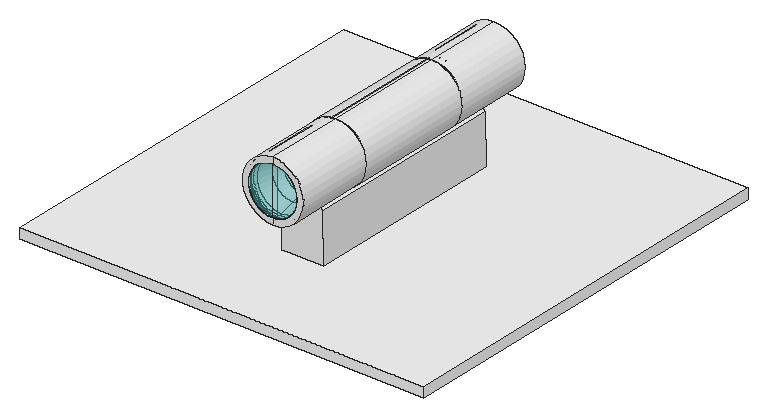
Revit family "BE_66512_de_DE", category Leuchten, Revit 2015
Parameters (values of type "BEGA_66512_Weiß_K4")
  built-in parameter 1150104 = 7.8392 (stored number, unit not read)
  Wattage = 6.4 W
  Default Elevation = 0 mm
  built-in parameter 1150113 = 1 (stored number, unit not read)
  built-in parameter 1114218 = 1 (stored number, unit not read)
  Umgebungstemperatur = "25 °C"
  URL = "http://www.bega.de/produkt/66512"
  Typenkommentare = "© 2016 BEGA. Wir behalten uns das Recht vor, technische Änderungen ohne vorherige Ankündigung vorzunehmen."  # constant formula
  Type Image = 66512.png
  built-in parameter 1150134 = 12
  built-in parameter 1150109 = 1 (stored number, unit not read)
  Strom = ""
  built-in parameter 1150110 = 1 (stored number, unit not read)
  Spannung = 239.996 V
  Sonderanfertigung = no
  Seriennummer [instance] = "Hier können Sie die eindeutige Seriennummer für das Facility Management eintragen."
  Schutzklasse = "I"
  Schutzart = "IP 65"
  Scheinlast = 0 VA
  Produktdatenblatt = "http://www.bega.de/download/Xrfa/db/66512.db.de.pdf"
  Oberflächentemperatur = ""
  Neigungswinkel = 0.00°
  Modell = "66512WK4"
  Material_17 = BEGA_Reflektor
  Material_15 = BEGA_Leuchtmedium_matt
  Material_11 = BEGA_Glas_opal
  Material_09 = BEGA_Glas_klar
  Material_06 = BEGA_Oberfläche_Edelstahl_gebürstet
  Material_03 = BEGA_Oberfläche_Weiss_matt
  Material_02 = BEGA_Oberfläche_Silber_matt
  Material_01 [instance] = BEGA_Oberfläche_Grafit_matt
  M_W = yes
  M_G = no
  M_A = no
  Logo = 0
  built-in parameter 1114217 = 1 (stored number, unit not read)
  built-in parameter 1150139 = (empty or 0)
  built-in parameter 1150105 = 42.974 (stored number, unit not read)
  built-in parameter 1150114 = 1 (stored number, unit not read)
  Lumens = 540.032 lm
  built-in parameter 1150115 = 1 (stored number, unit not read)
  Leuchtenlichtstrom = "335 lm"
  Leuchtenanzahl = ""
  Lebensdauerkriterien = "L70 = 50.000 h"
  Lastklassifizierung = Beleuchtung
  built-in parameter 1150112 = 1 (stored number, unit not read)
  Lampenlichtstrom = "540 lm"
  Lampe = "LED 6.4 W"
  LED_Modulbezeichnung = "2x LED-0123/840"
  built-in parameter 1150142 = (empty or 0)
  Hersteller = "BEGA"  # constant formula
  Halbstreuwinkel = ""
  Gewicht = "1.2 kg"
  Gebrauchslageneinschränkung [instance] = ""
  Frequenz = "0/50-60 Hz"
  Farbwiedergabeindex = "Ra > 80"
  Farbtemperaturverschiebung bei Dämpfen der Lampe = <Keine Auswahl>
  Farbtemperatur = "4000 K"
  Color Filter = 16777215
  built-in parameter 1150133 = 10 (stored number, unit not read)
  Energieeffizienzklasse = "LED A++ - A"
  built-in parameter 1150137 = (empty or 0)
  built-in parameter 1150132 = (empty or 0)
  ENEC = ""
  Datei für fotometrisches Netz = "BE_66512K4.IES"
  CE_Konformität = "ja"
  Bestellnummer = "66512WK4"
  Beschreibung_Sonderanfertigung = "Hier können Sie Informationen zur Sonderanfertigung eintragen."
  Beschreibung = "Wandleuchte"
  built-in parameter 1150106 = 0.42974 (stored number, unit not read)
  Befestigungsbohrung = "Ø 5,3 mm"
  Befestigungsabstand = "160 x 14 mm"
  Ballwurfsicher = ""
  BEGA_Intern_aus = yes
  BEGA_Intern_an = yes
  BEGA_Intern_Konstruktion = yes
  BEGA_Intern = yes
  BEGA_IES = yes
  BEGA_Dummy = no
  Anschlussleitung = ""
  Anschlussleistung [instance] = "8.5 W"
  built-in parameter 1150107 = 4000 (stored number, unit not read)
  built-in parameter 1150102 = (empty or 0)
  built-in parameter 1150138 = (empty or 0)
  Aktualisierung = "2016-06-21T04:10:22"
  Abstand_zur_angestrahlten_Fläche [instance] = ""
  AC/DC = "AC/DC"
Types (6, lengths in mm): name | built-in parameter 1150104 | built-in parameter 1150134 | Modell | M_W | M_G | M_A | built-in parameter 1150105 | Lumens | Leuchtenlichtstrom | Lampenlichtstrom | LED_Modulbezeichnung | Farbtemperatur | Datei für fotometrisches Netz | Bestellnummer | built-in parameter 1150106 | Anschlussleistung | built-in parameter 1150107
  BEGA_66512_Silber_K4 | 7.8392 (stored number, unit not read) | 12 | "66512AK4" | no | no | yes | 42.974 (stored number, unit not read) | 540.032 lm | "335 lm" | "540 lm" | "2x LED-0123/840" | "4000 K" | "BE_66512K4.IES" | "66512AK4" | 0.42974 (stored number, unit not read) | "8.5 W" | 4000 (stored number, unit not read)
  BEGA_66512_Weiß_K4 | 7.8392 (stored number, unit not read) | 12 | "66512WK4" | yes | no | no | 42.974 (stored number, unit not read) | 540.032 lm | "335 lm" | "540 lm" | "2x LED-0123/840" | "4000 K" | "BE_66512K4.IES" | "66512WK4" | 0.42974 (stored number, unit not read) | "8.5 W" | 4000 (stored number, unit not read)
  BEGA_66512_Weiß_K3 | 8.129 (stored number, unit not read) | (empty or 0) | "66512W" | yes | no | no | 44.563 (stored number, unit not read) | 560 lm | "297 lm" | "560 lm" | "2x LED-0684/830" | "3000 K" | "BE_66512.IES" | "66512W" | 0.44563 (stored number, unit not read) | "5.4 W" | 3000 (stored number, unit not read)
  BEGA_66512_Grafit_K4 | 7.8392 (stored number, unit not read) | 12 | "66512K4" | no | yes | no | 42.974 (stored number, unit not read) | 540.032 lm | "335 lm" | "540 lm" | "2x LED-0123/840" | "4000 K" | "BE_66512K4.IES" | "66512K4" | 0.42974 (stored number, unit not read) | "8.5 W" | 4000 (stored number, unit not read)
  BEGA_66512_Silber_K3 | 8.129 (stored number, unit not read) | (empty or 0) | "66512A" | no | no | yes | 44.563 (stored number, unit not read) | 560 lm | "297 lm" | "560 lm" | "2x LED-0684/830" | "3000 K" | "BE_66512.IES" | "66512A" | 0.44563 (stored number, unit not read) | "5.4 W" | 3000 (stored number, unit not read)
  BEGA_66512_Grafit_K3 | 8.129 (stored number, unit not read) | (empty or 0) | "66512" | no | yes | no | 44.563 (stored number, unit not read) | 560 lm | "297 lm" | "560 lm" | "2x LED-0684/830" | "3000 K" | "BE_66512.IES" | "66512" | 0.44563 (stored number, unit not read) | "5.4 W" | 3000 (stored number, unit not read)
Reference planes
  plane 1 "Mitte (Vorne/Hinten)": y = 0
  plane 2: z = 0
  plane 3 "Mitte (Links/Rechts)": x = 0
  plane 4 "Links": x = -30
  plane 5 "Rechts": x = 30
  plane 6 "Unten": y = -136.8
  plane 7 "Oben": y = 136.6
  plane 8 "Vorne": z = 105.1
Forms (mm)
  Extrusion 1, solid, material "BEGA_Platte_Weiss"
    sketch origin (0, -1119.2, 0) x (1, 0, 0) y (0, 1, 0)
      loop
        line (-200, 1319.2) -> (-200, 919.2) -> (200, 919.2) -> (200, 1319.2) -> (-200, 1319.2)
    from 0 to -10
  Extrusion 2, solid, material "BEGA_Dummy_matt", visible <- "BEGA_Dummy"
    sketch origin (80.095, -76.023, 0) x (1, 0, 0) y (0, 1, 0)
      loop
        line (-110.095, 212.623) -> (-110.095, -60.777) -> (-50.095, -60.777) -> (-50.095, 212.623) -> (-110.095, 212.623)
    from 0 to 105.1
Dimensions and locks
  plane 1 "Mitte (Vorne/Hinten)" to Extrusion 1 = 200 mm
  aligned and locked: plane 2 to Extrusion 1
  aligned and locked: level to Extrusion 1
Nested families
  nested 1: "BE_66512_Wandleuchte" at (0, 0, 0), type "BE_66512_Wandleuchte"
    with Neigungswinkel_um_Y2 0.00°, Neigungswinkel_um_Y1 0.00°, Neigungswinkel_um_X2 0.00°, Neigungswinkel_um_X1 0.00°, Drehwinkel_um_Z2 0.00°, Drehwinkel_um_Z1 0.00°, BEGA_Neigng_Y2 0.00°, BEGA_Neigng_Y1 0.00°, BEGA_Neigng_X2 0.00°, BEGA_Neigng_X1 0.00°, BEGA_Infotext_Winkel no
Connectors
  electrical at (0, 0, 0), driven by "Lastklassifizierung", driven by "Spannung", driven by "Scheinlast"
    settings: index 1, voltage 239.996 V, apparent load 0 VA, apparent load phase1 0 VA, apparent load phase2 0 VA, apparent load phase3 0 VA, power factor 1, load classification "Beleuchtung", number of poles 1, system type 31, power factor state 1, is connector primary yes, connector utility no, sub classification motor no, connector description ""
Definition of nested family "BE_66512_Wandleuchte"
  Parameters (values of type "BE_66512_Wandleuchte")
    Default Elevation = 1 mm
    URL = "http://www.bega.de/de/produkt"
    Type Comments = "© 2015 BEGA. Wir behalten uns das Recht vor, technische Änderungen ohne vorherige Ankündigung vorzunehmen. "  # constant formula
    Type Image = Bega_Revit_Typenbild_78x78.png
    Neigungswinkel_um_Y2 [instance] = 0.00°
    Neigungswinkel_um_Y1 [instance] = 0.00°
    Neigungswinkel_um_X2 [instance] = 0.00°
    Neigungswinkel_um_X1 [instance] = 0.00°
    Material_17 = none
    Material_15 = none
    Material_09 = none
    Material_03 = none
    Material_02 = none
    Material_01 = none
    M_W = yes
    M_G = yes
    M_A = yes
    Länge_Platte = 200 mm  # constant formula
    Höhe_Platte = -10 mm  # constant formula
    Manufacturer = "BEGA"  # constant formula
    Drehwinkel_um_Z2 [instance] = 0.00°
    Drehwinkel_um_Z1 [instance] = 0.00°
    Breite_Platte = 200 mm  # constant formula
    BEGA_Neigng_Y2 [instance] = if(Neigungswinkel_um_Y2 < -30.00°, -30.00°, if(Neigungswinkel_um_Y2 > 30.00°, 30.00°, Neigungswinkel_um_Y2))  # 0.00°
    BEGA_Neigng_Y1 [instance] = if(Neigungswinkel_um_X2 < -30.00°, -30.00°, if(Neigungswinkel_um_X2 > 30.00°, 30.00°, Neigungswinkel_um_X2))  # 0.00°
    BEGA_Neigng_X2 [instance] = if(Neigungswinkel_um_Y1 < -30.00°, -30.00°, if(Neigungswinkel_um_Y1 > 30.00°, 30.00°, Neigungswinkel_um_Y1))  # 0.00°
    BEGA_Neigng_X1 [instance] = if(Neigungswinkel_um_X1 < -30.00°, -30.00°, if(Neigungswinkel_um_X1 > 30.00°, 30.00°, Neigungswinkel_um_X1))  # 0.00°
    BEGA_Infotext_Winkel [instance] = if(or(Neigungswinkel_um_X1 < -30.00°, Neigungswinkel_um_X1 > 30.00°, Neigungswinkel_um_X2 < -30.00°, Neigungswinkel_um_X2 > 30.00°, Neigungswinkel_um_Y1 < -30.00°, Neigungswinkel_um_Y1 > 30.00°, Neigungswinkel_um_Y2 < -30.00°, Neigungswinkel_um_Y2 > 30.00°), 1 < 2, 1 > 2)  # no
    Aktualisierung = "Stand: 25.03.2015"  # constant formula
  Reference planes
    plane 1 "Mitte (Vorne/Hinten)": y = 0
    plane 2: z = 0
    plane 3 "Mitte (Links/Rechts)": x = 0
    plane 4 "Oben": z = 105.1
    plane 5 "Befestigung Links": x = -30
    plane 6 "Befestigung Rechts": x = 30
    plane 7: y = -136.8
    plane 8: y = 136.6
  Forms (mm)
    Extrusion 1, solid, detail levels medium
      sketch origin (0, 0, 0) x (1, 0, 0) y (0, 1, 0)
        loop
          line (-100, 100) -> (-100, -100) -> (100, -100) -> (100, 100) -> (-100, 100)
      from 0 to -10 <- "Höhe_Platte"
    Extrusion 2, solid, material <- "Material_01", visible <- "M_G", detail levels medium+fine
      sketch origin (0, 0, 0) x (1, 0, 0) y (0, 0, 1)
        loop
          line (20.847, 0) -> (20, 48.5) -> (17.678, 50.822)
          arc (17.678, 50.822) -> (16.556, 49.768) -> (15.372, 48.785) r 25
          arc (15.372, 48.785) -> (0.121, 43.5) -> (-15.18, 48.636) r 25
          arc (-15.18, 48.636) -> (-16.465, 49.688) -> (-17.678, 50.822) r 25
          line (-17.678, 50.822) -> (-20, 48.5) -> (-20.847, 0) -> (20.847, 0)
      from -100 to 100
    Revolve 3, solid, material <- "Material_01", visible <- "M_G", detail levels medium+fine
      sketch origin (0, 0, 0) x (0, 1, 0) y (0, 0, 1)
        loop
          line (-59.2, 105.1) -> (-59.2, 102.1) -> (-73.6, 102.1) -> (-73.6, 100.1) -> (73.4, 100.1) -> (73.4, 102.1) -> (59, 102.1) -> (59, 105.1) -> (-59.2, 105.1)
        axis (-73.6, 75.1) -> (73.4, 75.1)
      angle from 0 to 360
    Revolve 4, solid, material <- "Material_01", visible <- "M_G", detail levels medium+fine
      sketch origin (0, 0, 0) x (0, 1, 0) y (0, 0, 1)
        loop
          line (59.5, 105.1) -> (59.5, 103.6) -> (67.9, 103.6) -> (68.6, 102.9) -> (134.6, 102.9) -> (134.6, 99.8) -> (135.3, 99.1) -> (136.6, 99.1) -> (136.6, 105.1) -> (59.5, 105.1)
        loop
          line (-136.8, 105.1) -> (-136.8, 99.1) -> (-135.5, 99.1) -> (-134.8, 99.8) -> (-134.8, 102.9) -> (-68.8, 102.9) -> (-68.1, 103.6) -> (-59.7, 103.6) -> (-59.7, 105.1) -> (-136.8, 105.1)
        axis (-136.8, 75.1) -> (136.6, 75.1)
      angle from 0 to 360
    Revolve 5, solid, material <- "Material_09", detail levels medium+fine
      sketch origin (0, 0, 0) x (0, 1, 0) y (0, 0, 1)
        loop
          line (130.6, 102.6) -> (130.6, 75.1) -> (136.6, 75.1) -> (136.6, 98.85) -> (134.6, 98.85) -> (134.6, 102.6) -> (130.6, 102.6)
        loop
          line (-130.8, 102.6) -> (-134.8, 102.6) -> (-134.8, 98.85) -> (-136.8, 98.85) -> (-136.8, 75.1) -> (-130.8, 75.1) -> (-130.8, 102.6)
        axis (-136.8, 75.1) -> (136.6, 75.1)
      angle from 0 to 360
    Revolve 6, solid, material <- "Material_17", detail levels medium+fine
      sketch origin (0, 0, 0) x (0, 1, 0) y (0, 0, 1)
        loop
          line (90.886, 80.6) -> (91.689, 80.6) -> (92.1, 85.297)
          arc (92.1, 85.297) -> (95.783, 87.928) -> (99.704, 90.19) r 46.644
          arc (99.704, 90.19) -> (103.449, 91.984) -> (107.288, 93.567) r 74.431
          arc (107.288, 93.567) -> (116.836, 96.777) -> (126.604, 99.24) r 130.173
          arc (126.604, 99.24) -> (128.203, 99.594) -> (129.804, 99.935) r 202.77
          arc (129.804, 99.935) -> (130.376, 100.284) -> (130.6, 100.914) r 1
          line (130.6, 100.914) -> (130.6, 102.6) -> (129.8, 102.6) -> (129.8, 100.753)
          arc (129.8, 100.753) -> (123.716, 99.376) -> (117.675, 97.821) r 211.925
          arc (117.675, 97.821) -> (109.301, 95.158) -> (101.174, 91.815) r 106.703
          arc (101.174, 91.815) -> (96.239, 89.176) -> (91.654, 85.967) r 46.887
          arc (91.654, 85.967) -> (91.406, 85.661) -> (91.296, 85.284) r 1
          line (91.296, 85.284) -> (90.886, 80.6)
        loop
          line (-91.086, 80.6) -> (-91.496, 85.289)
          arc (-91.496, 85.289) -> (-91.608, 85.663) -> (-91.854, 85.967) r 1
          arc (-91.854, 85.967) -> (-97.536, 89.825) -> (-103.689, 92.874) r 50.367
          arc (-103.689, 92.874) -> (-109.648, 95.174) -> (-115.708, 97.194) r 136.73
          arc (-115.708, 97.194) -> (-122.806, 99.169) -> (-130, 100.759) r 136.73
          line (-130, 100.759) -> (-130, 102.6) -> (-130.8, 102.6) -> (-130.8, 100.915)
          arc (-130.8, 100.915) -> (-130.576, 100.285) -> (-130.004, 99.936) r 1
          arc (-130.004, 99.936) -> (-128.403, 99.594) -> (-126.804, 99.24) r 202.77
          arc (-126.804, 99.24) -> (-119.669, 97.494) -> (-112.631, 95.394) r 147.187
          arc (-112.631, 95.394) -> (-107.623, 93.611) -> (-102.719, 91.561) r 98.297
          arc (-102.719, 91.561) -> (-97.324, 88.737) -> (-92.3, 85.297) r 51.537
          line (-92.3, 85.297) -> (-91.889, 80.6) -> (-91.086, 80.6)
        axis (-130.8, 75.1) -> (130.6, 75.1)
      angle from 0 to 360
    Revolve 7, solid, material <- "Material_15", detail levels medium+fine
      sketch origin (0, 0, 0) x (0, 1, 0) y (0, 0, 1)
        loop
          line (90.886, 75.1) -> (91.689, 75.1) -> (91.689, 80.6) -> (90.886, 80.6) -> (90.886, 75.1)
        loop
          line (-91.086, 75.1) -> (-91.086, 80.6) -> (-91.889, 80.6) -> (-91.889, 75.1) -> (-91.086, 75.1)
        axis (-91.889, 75.1) -> (91.689, 75.1)
      angle from 0 to 360
    Extrusion 8, void
      sketch origin (0, 0, 0) x (1, 0, 0) y (0, 1, 0)
        loop
          line (-15.384, 71.433) -> (-15.384, -71.433) -> (15.384, -71.433) -> (15.384, 71.433) -> (-15.384, 71.433)
      from 0 to 11.465
    Extrusion 9, void
      sketch origin (0, 0, 0) x (0, 1, 0) y (0, 0, 1)
        loop
          line (87.516, 43) -> (-87.53, 43) -> (-86.5, 13.501) -> (86.501, 13.501) -> (87.516, 43)
      from -13.32 to 13.455
    Extrusion 10, void
      sketch origin (0, 0, 0) x (1, 0, 0) y (0, 1, 0)
        loop
          circle (7, -80) r 2.65
        loop
          circle (-7, 80) r 2.65
      from 0 to 13.5
    Extrusion 11, void
      sketch origin (0, 0, 0) x (1, 0, 0) y (0, 1, 0)
        loop
          circle (-7, 80) r 5.5
        loop
          circle (7, -80) r 5.5
      from 3.965 to 13.5
    Extrusion 12, void
      sketch origin (0, 0, 0) x (1, 0, 0) y (0, 1, 0)
        loop
          circle (0, 57.191) r 8.5
        loop
          circle (0, 24) r 8.5
      from 11.465 to 13.5
    Extrusion 13, solid, material <- "Material_02", visible <- "M_A", detail levels medium+fine
      sketch origin (0, 0, 0) x (1, 0, 0) y (0, 0, 1)
        loop
          line (20.847, 0) -> (20, 48.5) -> (17.678, 50.822)
          arc (17.678, 50.822) -> (16.556, 49.768) -> (15.372, 48.785) r 25
          arc (15.372, 48.785) -> (0.121, 43.5) -> (-15.18, 48.636) r 25
          arc (-15.18, 48.636) -> (-16.465, 49.688) -> (-17.678, 50.822) r 25
          line (-17.678, 50.822) -> (-20, 48.5) -> (-20.847, 0) -> (20.847, 0)
      from -100 to 100
    Revolve 14, solid, material <- "Material_02", visible <- "M_A", detail levels medium+fine
      sketch origin (0, 0, 0) x (0, 1, 0) y (0, 0, 1)
        loop
          line (-59.2, 105.1) -> (-59.2, 102.1) -> (-73.6, 102.1) -> (-73.6, 100.1) -> (73.4, 100.1) -> (73.4, 102.1) -> (59, 102.1) -> (59, 105.1) -> (-59.2, 105.1)
        axis (-73.6, 75.1) -> (73.4, 75.1)
      angle from 0 to 360
    Revolve 15, solid, material <- "Material_02", visible <- "M_A", detail levels medium+fine
      sketch origin (0, 0, 0) x (0, 1, 0) y (0, 0, 1)
        loop
          line (59.5, 105.1) -> (59.5, 103.6) -> (67.9, 103.6) -> (68.6, 102.9) -> (134.6, 102.9) -> (134.6, 99.8) -> (135.3, 99.1) -> (136.6, 99.1) -> (136.6, 105.1) -> (59.5, 105.1)
        loop
          line (-136.8, 105.1) -> (-136.8, 99.1) -> (-135.5, 99.1) -> (-134.8, 99.8) -> (-134.8, 102.9) -> (-68.8, 102.9) -> (-68.1, 103.6) -> (-59.7, 103.6) -> (-59.7, 105.1) -> (-136.8, 105.1)
        axis (-136.8, 75.1) -> (136.6, 75.1)
      angle from 0 to 360
    Extrusion 16, solid, material <- "Material_03", visible <- "M_W", detail levels medium+fine
      sketch origin (0, 0, 0) x (1, 0, 0) y (0, 0, 1)
        loop
          line (20.847, 0) -> (20, 48.5) -> (17.678, 50.822)
          arc (17.678, 50.822) -> (16.556, 49.768) -> (15.372, 48.785) r 25
          arc (15.372, 48.785) -> (0.121, 43.5) -> (-15.18, 48.636) r 25
          arc (-15.18, 48.636) -> (-16.465, 49.688) -> (-17.678, 50.822) r 25
          line (-17.678, 50.822) -> (-20, 48.5) -> (-20.847, 0) -> (20.847, 0)
      from -100 to 100
    Revolve 17, solid, material <- "Material_03", visible <- "M_W", detail levels medium+fine
      sketch origin (0, 0, 0) x (0, 1, 0) y (0, 0, 1)
        loop
          line (-59.2, 105.1) -> (-59.2, 102.1) -> (-73.6, 102.1) -> (-73.6, 100.1) -> (73.4, 100.1) -> (73.4, 102.1) -> (59, 102.1) -> (59, 105.1) -> (-59.2, 105.1)
        axis (-73.6, 75.1) -> (73.4, 75.1)
      angle from 0 to 360
    Revolve 18, solid, material <- "Material_03", visible <- "M_W", detail levels medium+fine
      sketch origin (0, 0, 0) x (0, 1, 0) y (0, 0, 1)
        loop
          line (59.5, 105.1) -> (59.5, 103.6) -> (67.9, 103.6) -> (68.6, 102.9) -> (134.6, 102.9) -> (134.6, 99.8) -> (135.3, 99.1) -> (136.6, 99.1) -> (136.6, 105.1) -> (59.5, 105.1)
        loop
          line (-136.8, 105.1) -> (-136.8, 99.1) -> (-135.5, 99.1) -> (-134.8, 99.8) -> (-134.8, 102.9) -> (-68.8, 102.9) -> (-68.1, 103.6) -> (-59.7, 103.6) -> (-59.7, 105.1) -> (-136.8, 105.1)
        axis (-136.8, 75.1) -> (136.6, 75.1)
      angle from 0 to 360
    Extrusion 19, void
      sketch origin (0, 0, 0) x (1, 0, 0) y (0, 1, 0)
        loop
          line (-15.384, 71.433) -> (-15.384, -71.433) -> (15.384, -71.433) -> (15.384, 71.433) -> (-15.384, 71.433)
      from 0 to 11.465
  Cuts and joins
    Extrusion 8, Extrusion 9, Extrusion 10, Extrusion 11, Extrusion 12, Extrusion 19 cuts Extrusion 2
    Extrusion 8, Extrusion 12 cuts Revolve 3
    Extrusion 8, Extrusion 10, Extrusion 11, Extrusion 12 cuts Revolve 4
    Extrusion 8, Extrusion 10, Extrusion 12, Extrusion 19 cuts Extrusion 13
    Extrusion 10, Extrusion 12, Extrusion 19 cuts Extrusion 16
  Dimensions and locks
    equal spacing: Extrusion 1 sketch curve, plane 3 "Mitte (Links/Rechts)", Extrusion 1 sketch curve
    equal spacing: Extrusion 1 sketch curve, plane 1 "Mitte (Vorne/Hinten)", Extrusion 1 sketch curve
    "Länge_Platte": Extrusion 1 sketch curve to Extrusion 1 sketch curve
    "Breite_Platte": Extrusion 1 sketch curve to Extrusion 1 sketch curve
    plane 1 "Mitte (Vorne/Hinten)" to Extrusion 1 = 100 mm  (x3)
    aligned and locked: Extrusion 1 to plane 2
    aligned and locked: Extrusion 1 to level
  Automatic sketch dimensions
    Extrusion 2 sketch curve to Extrusion 2 sketch curve = 0 mm  (x7)
    Extrusion 2 sketch curve to level = 0 mm
    Extrusion 2 sketch curve to plane 3 "Mitte (Links/Rechts)" = 0 mm
    Extrusion 2 sketch curve to plane 3 "Mitte (Links/Rechts)" = 17.678 mm
    Extrusion 2 sketch curve to Extrusion 2 sketch curve = 2.322 mm  (x3)
    Extrusion 2 sketch curve to plane 3 "Mitte (Links/Rechts)" = 20.847 mm
    plane 3 "Mitte (Links/Rechts)" to Extrusion 2 sketch curve = 17.678 mm
    plane 3 "Mitte (Links/Rechts)" to Extrusion 2 sketch curve = 20.847 mm
    level to Extrusion 2 sketch curve = 48.5 mm
    Extrusion 2 sketch curve to Extrusion 2 sketch curve = 17.678 mm
    Extrusion 2 sketch curve to Extrusion 2 sketch curve = 2.498 mm
    Extrusion 2 sketch curve to Extrusion 2 sketch curve = 2.306 mm
    plane 1 "Mitte (Vorne/Hinten)" to Revolve 3 sketch curve = 73.6 mm
    Revolve 3 sketch curve to Revolve 3 sketch curve = 14.4 mm  (x2)
    Revolve 3 sketch curve to plane 1 "Mitte (Vorne/Hinten)" = 59 mm
    Revolve 3 sketch curve to Revolve 3 sketch curve = 25 mm
    Revolve 3 sketch curve to Revolve 3 sketch curve = 2 mm  (x2)
    Revolve 3 sketch curve to Revolve 3 sketch curve = 3 mm
    Revolve 4 sketch curve to plane 1 "Mitte (Vorne/Hinten)" = 59.5 mm
    Revolve 4 sketch curve to Revolve 4 sketch curve = 8.4 mm  (x2)
    Revolve 4 sketch curve to Revolve 4 sketch curve = 0.7 mm  (x8)
    Revolve 4 sketch curve to Revolve 4 sketch curve = 2 mm  (x3)
    Revolve 4 sketch curve to Revolve 4 sketch curve = 24 mm
    Revolve 4 sketch curve to Revolve 4 sketch curve = 3.1 mm
    Revolve 4 sketch curve to Revolve 4 sketch curve = 1.5 mm  (x2)
    Revolve 5 sketch curve to Revolve 5 sketch curve = 4 mm  (x2)
    Revolve 5 sketch curve to Revolve 5 sketch curve = 2 mm  (x4)
    Revolve 5 sketch curve to Revolve 5 sketch curve = 0 mm  (x2)
    Revolve 5 sketch curve to Revolve 5 sketch curve = 23.75 mm  (x2)
    Revolve 5 sketch curve to Revolve 5 sketch curve = 3.75 mm  (x2)
    Revolve 7 sketch curve to Revolve 7 sketch curve = 0.803 mm  (x2)
    Revolve 7 sketch curve to Revolve 7 sketch curve = 0 mm  (x2)
    Revolve 7 sketch curve to Revolve 7 sketch curve = 5.5 mm  (x2)
    Revolve 6 sketch curve to Revolve 6 sketch curve = 0 mm  (x13)
    level to Revolve 6 sketch curve = 1.931 mm
    Revolve 6 sketch curve to Revolve 6 sketch curve = 0.8 mm  (x2)
    Revolve 6 sketch curve to Revolve 6 sketch curve = 0.956 mm
    Revolve 6 sketch curve to Revolve 6 sketch curve = 37.308 mm  (x2)
    Revolve 6 sketch curve to Revolve 6 sketch curve = 0.192 mm  (x2)
    Revolve 6 sketch curve to Revolve 6 sketch curve = 0.603 mm
    Revolve 6 sketch curve to Revolve 6 sketch curve = 0.804 mm  (x2)
    Revolve 6 sketch curve to Revolve 6 sketch curve = 0.803 mm  (x2)
    Revolve 6 sketch curve to Revolve 6 sketch curve = 0.411 mm
    Revolve 6 sketch curve to Revolve 6 sketch curve = 0.241 mm
    Revolve 6 sketch curve to Revolve 6 sketch curve = 0.2 mm  (x2)
    Revolve 6 sketch curve to Revolve 6 sketch curve = 2.26 mm
    Revolve 6 sketch curve to Revolve 6 sketch curve = 11.061 mm
    Revolve 6 sketch curve to level = 28.12 mm
    Revolve 6 sketch curve to level = 5.11 mm
    level to Revolve 6 sketch curve = 23.988 mm
    Revolve 6 sketch curve to Revolve 6 sketch curve = 30.532 mm
    Revolve 6 sketch curve to Revolve 6 sketch curve = 1.756 mm
    Revolve 6 sketch curve to Revolve 6 sketch curve = 24.715 mm
    Revolve 6 sketch curve to Revolve 6 sketch curve = 0.521 mm
    Revolve 6 sketch curve to Revolve 6 sketch curve = 34.276 mm
    Revolve 6 sketch curve to Revolve 6 sketch curve = 31.375 mm
    Revolve 6 sketch curve to Revolve 6 sketch curve = 4.597 mm  (x2)
    Revolve 6 sketch curve to Revolve 6 sketch curve = 0.092 mm
    Revolve 6 sketch curve to Revolve 6 sketch curve = 0.101 mm  (x2)
    Revolve 6 sketch curve to Revolve 6 sketch curve = 25.653 mm
    Revolve 6 sketch curve to Revolve 6 sketch curve = 0.162 mm
    Revolve 6 sketch curve to Revolve 6 sketch curve = 25.815 mm
    Revolve 6 sketch curve to Revolve 6 sketch curve = 1.685 mm
    Revolve 6 sketch curve to Revolve 6 sketch curve = 1.686 mm
    Revolve 6 sketch curve to Revolve 6 sketch curve = 0.204 mm
    Revolve 6 sketch curve to Revolve 6 sketch curve = 3.196 mm
    Revolve 6 sketch curve to Revolve 6 sketch curve = 11.095 mm
    Revolve 6 sketch curve to Revolve 6 sketch curve = 3.078 mm
    Revolve 6 sketch curve to Revolve 6 sketch curve = 0.97 mm
    Revolve 6 sketch curve to Revolve 6 sketch curve = 0.358 mm
    Revolve 6 sketch curve to Revolve 6 sketch curve = 1.47 mm
    Revolve 6 sketch curve to Revolve 6 sketch curve = 2.996 mm
    Revolve 6 sketch curve to Revolve 6 sketch curve = 0.004 mm
    Revolve 6 sketch curve to Revolve 6 sketch curve = 0.156 mm
    plane 1 "Mitte (Vorne/Hinten)" to Revolve 4 sketch curve = 59.7 mm
    Revolve 4 sketch curve to Revolve 4 sketch curve = 30 mm
    Revolve 4 sketch curve to Revolve 4 sketch curve = 6 mm
    Revolve 4 sketch curve to Revolve 4 sketch curve = 1.3 mm
    Revolve 7 sketch curve to Revolve 7 sketch curve = 46.911 mm  (x2)
    level to Extrusion 9 sketch curve = 13.501 mm
    Extrusion 9 sketch curve to Extrusion 9 sketch curve = 1.03 mm
    Extrusion 9 sketch curve to Extrusion 9 sketch curve = 173.001 mm
    Extrusion 9 sketch curve to Extrusion 9 sketch curve = 1.014 mm
    Extrusion 9 sketch curve to Extrusion 9 sketch curve = 29.499 mm
    Extrusion 8 sketch curve to plane 3 "Mitte (Links/Rechts)" = 15.384 mm
    plane 3 "Mitte (Links/Rechts)" to Extrusion 8 sketch curve = 15.384 mm
    Extrusion 10 sketch curve to plane 3 "Mitte (Links/Rechts)" = 7 mm
    plane 3 "Mitte (Links/Rechts)" to Extrusion 10 sketch curve = 7 mm
    Extrusion 11 sketch curve to plane 3 "Mitte (Links/Rechts)" = 7 mm
    plane 3 "Mitte (Links/Rechts)" to Extrusion 11 sketch curve = 7 mm
    Extrusion 12 sketch curve to plane 3 "Mitte (Links/Rechts)" = 0 mm  (x2)
    Extrusion 12 sketch curve to plane 1 "Mitte (Vorne/Hinten)" = 24 mm
    Extrusion 12 sketch curve to Extrusion 12 sketch curve = 33.19 mm
    Revolve 6 sketch curve to Revolve 6 sketch curve = 53.995 mm
    Revolve 6 sketch curve to Revolve 6 sketch curve = 70.431 mm
    Revolve 6 sketch curve to Revolve 6 sketch curve = 8.062 mm
    Revolve 3 sketch curve to Revolve 3 sketch curve = 65.2 mm  (x2)
    Revolve 4 sketch curve to Revolve 4 sketch curve = 66 mm  (x2)
    plane 1 "Mitte (Vorne/Hinten)" to Revolve 5 sketch curve = 130.8 mm
    plane 1 "Mitte (Vorne/Hinten)" to Revolve 6 sketch curve = 91.086 mm
    Revolve 6 sketch curve to Revolve 6 sketch curve = 31.033 mm
    Revolve 6 sketch curve to Revolve 6 sketch curve = 19.198 mm
    Revolve 6 sketch curve to level = 33.495 mm
    Revolve 6 sketch curve to Revolve 6 sketch curve = 12.825 mm
    Revolve 6 sketch curve to Revolve 6 sketch curve = 13.248 mm
    Revolve 6 sketch curve to Revolve 6 sketch curve = 8.796 mm  (x2)
    plane 1 "Mitte (Vorne/Hinten)" to Revolve 7 sketch curve = 91.086 mm
    plane 1 "Mitte (Vorne/Hinten)" to Extrusion 8 sketch curve = 71.433 mm
    plane 1 "Mitte (Vorne/Hinten)" to Extrusion 9 sketch curve = 87.53 mm
    plane 1 "Mitte (Vorne/Hinten)" to Extrusion 10 sketch curve = 80 mm
    plane 1 "Mitte (Vorne/Hinten)" to Extrusion 11 sketch curve = 80 mm
    Revolve 5 sketch curve to plane 1 "Mitte (Vorne/Hinten)" = 130.6 mm
    Revolve 6 sketch curve to plane 1 "Mitte (Vorne/Hinten)" = 90.886 mm
    Revolve 6 sketch curve to Revolve 6 sketch curve = 29.093 mm
    Revolve 6 sketch curve to Revolve 6 sketch curve = 12.7 mm
    Revolve 6 sketch curve to Revolve 6 sketch curve = 12.073 mm
    Revolve 6 sketch curve to Revolve 6 sketch curve = 7.724 mm
    Revolve 6 sketch curve to Revolve 6 sketch curve = 17.746 mm
    Revolve 7 sketch curve to plane 1 "Mitte (Vorne/Hinten)" = 90.886 mm
    Extrusion 8 sketch curve to plane 1 "Mitte (Vorne/Hinten)" = 71.433 mm
    Extrusion 10 sketch curve to plane 1 "Mitte (Vorne/Hinten)" = 80 mm
    Extrusion 11 sketch curve to plane 1 "Mitte (Vorne/Hinten)" = 80 mm
    Revolve 3 sketch curve to plane 4 "Oben" = 0 mm
    Revolve 4 sketch curve to plane 4 "Oben" = 0 mm
    Revolve 5 sketch curve to plane 4 "Oben" = 30 mm
    Revolve 6 sketch curve to Revolve 6 sketch curve = 2.317 mm
    Revolve 7 sketch curve to plane 4 "Oben" = 30 mm
    Extrusion 13 sketch curve to Extrusion 13 sketch curve = 0 mm  (x7)
    Extrusion 13 sketch curve to level = 0 mm
    Extrusion 13 sketch curve to plane 3 "Mitte (Links/Rechts)" = 0 mm
    plane 5 "Befestigung Links" to Extrusion 13 sketch curve = 12.322 mm
    Extrusion 13 sketch curve to Extrusion 13 sketch curve = 2.322 mm  (x3)
    plane 5 "Befestigung Links" to Extrusion 13 sketch curve = 9.153 mm
    Extrusion 13 sketch curve to plane 6 "Befestigung Rechts" = 12.322 mm
    Extrusion 13 sketch curve to plane 6 "Befestigung Rechts" = 9.153 mm
    level to Extrusion 13 sketch curve = 48.5 mm
    Extrusion 13 sketch curve to Extrusion 13 sketch curve = 17.678 mm
    Extrusion 13 sketch curve to Extrusion 13 sketch curve = 2.498 mm
    Extrusion 13 sketch curve to Extrusion 13 sketch curve = 2.306 mm
    Revolve 14 sketch curve to plane 4 "Oben" = 0 mm
    Revolve 14 sketch curve to plane 4 "Oben" = 5 mm
    plane 7 to Revolve 14 sketch curve = 63.2 mm
    Revolve 14 sketch curve to plane 4 "Oben" = 3 mm
    Revolve 14 sketch curve to Revolve 14 sketch curve = 14.4 mm  (x2)
    Revolve 14 sketch curve to plane 1 "Mitte (Vorne/Hinten)" = 59 mm
    Revolve 14 sketch curve to Revolve 14 sketch curve = 2 mm
    Revolve 14 sketch curve to plane 7 = 2 mm
    plane 8 to Revolve 14 sketch curve = 2 mm
    Revolve 14 sketch curve to plane 4 "Oben" = 30 mm
    Revolve 15 sketch curve to plane 4 "Oben" = 0 mm  (x2)
    Revolve 15 sketch curve to plane 7 = 0 mm
    Revolve 15 sketch curve to plane 8 = 0 mm
    plane 7 to Revolve 15 sketch curve = 1.3 mm
    plane 7 to Revolve 15 sketch curve = 2 mm
    Revolve 15 sketch curve to plane 4 "Oben" = 2.2 mm  (x2)
    Revolve 15 sketch curve to Revolve 15 sketch curve = 66 mm
    Revolve 15 sketch curve to plane 4 "Oben" = 1.5 mm  (x2)
    Revolve 15 sketch curve to Revolve 15 sketch curve = 0.7 mm  (x5)
    Revolve 15 sketch curve to Revolve 15 sketch curve = 8.4 mm  (x2)
    Revolve 15 sketch curve to plane 1 "Mitte (Vorne/Hinten)" = 59.5 mm
    Revolve 15 sketch curve to plane 8 = 2 mm
    Revolve 15 sketch curve to Revolve 15 sketch curve = 3.1 mm  (x2)
    Revolve 15 sketch curve to plane 7 = 2 mm
    plane 8 to Revolve 15 sketch curve = 2 mm
    Revolve 15 sketch curve to Revolve 15 sketch curve = 24 mm
    Extrusion 16 sketch curve to Extrusion 16 sketch curve = 0 mm  (x7)
    Extrusion 16 sketch curve to level = 0 mm
    Extrusion 16 sketch curve to plane 3 "Mitte (Links/Rechts)" = 0 mm
    plane 5 "Befestigung Links" to Extrusion 16 sketch curve = 12.322 mm
    Extrusion 16 sketch curve to Extrusion 16 sketch curve = 2.322 mm  (x3)
    plane 5 "Befestigung Links" to Extrusion 16 sketch curve = 9.153 mm
    Extrusion 16 sketch curve to plane 6 "Befestigung Rechts" = 12.322 mm
    Extrusion 16 sketch curve to plane 6 "Befestigung Rechts" = 9.153 mm
    level to Extrusion 16 sketch curve = 48.5 mm
    Extrusion 16 sketch curve to Extrusion 16 sketch curve = 17.678 mm
    Extrusion 16 sketch curve to Extrusion 16 sketch curve = 2.498 mm
    Extrusion 16 sketch curve to Extrusion 16 sketch curve = 2.306 mm
    Revolve 17 sketch curve to plane 4 "Oben" = 0 mm
    Revolve 17 sketch curve to plane 4 "Oben" = 5 mm
    plane 7 to Revolve 17 sketch curve = 63.2 mm
    Revolve 17 sketch curve to plane 4 "Oben" = 3 mm
    Revolve 17 sketch curve to Revolve 17 sketch curve = 14.4 mm  (x2)
    Revolve 17 sketch curve to plane 1 "Mitte (Vorne/Hinten)" = 59 mm
    Revolve 17 sketch curve to Revolve 17 sketch curve = 2 mm
    Revolve 17 sketch curve to plane 7 = 2 mm
    plane 8 to Revolve 17 sketch curve = 2 mm
    Revolve 17 sketch curve to plane 4 "Oben" = 30 mm
    Revolve 18 sketch curve to plane 4 "Oben" = 0 mm  (x2)
    Revolve 18 sketch curve to plane 7 = 0 mm
    Revolve 18 sketch curve to plane 8 = 0 mm
    plane 7 to Revolve 18 sketch curve = 1.3 mm
    plane 7 to Revolve 18 sketch curve = 2 mm
    Revolve 18 sketch curve to plane 4 "Oben" = 2.2 mm  (x2)
    Revolve 18 sketch curve to Revolve 18 sketch curve = 66 mm
    Revolve 18 sketch curve to plane 4 "Oben" = 1.5 mm  (x2)
    Revolve 18 sketch curve to Revolve 18 sketch curve = 0.7 mm  (x5)
    Revolve 18 sketch curve to Revolve 18 sketch curve = 8.4 mm  (x2)
    Revolve 18 sketch curve to plane 1 "Mitte (Vorne/Hinten)" = 59.5 mm
    Revolve 18 sketch curve to plane 8 = 2 mm
    Revolve 18 sketch curve to Revolve 18 sketch curve = 3.1 mm  (x2)
    Revolve 18 sketch curve to plane 7 = 2 mm
    plane 8 to Revolve 18 sketch curve = 2 mm
    Revolve 18 sketch curve to Revolve 18 sketch curve = 24 mm
    plane 5 "Befestigung Links" to Extrusion 19 sketch curve = 14.616 mm
    Extrusion 19 sketch curve to plane 6 "Befestigung Rechts" = 14.616 mm
    plane 7 to Extrusion 19 sketch curve = 65.367 mm
    Extrusion 19 sketch curve to plane 8 = 65.167 mm
    radius of Extrusion 10 sketch curve = 2.65 mm  (x2)
    radius of Extrusion 11 sketch curve = 5.5 mm  (x2)
    radius of Extrusion 12 sketch curve = 8.5 mm  (x2)
